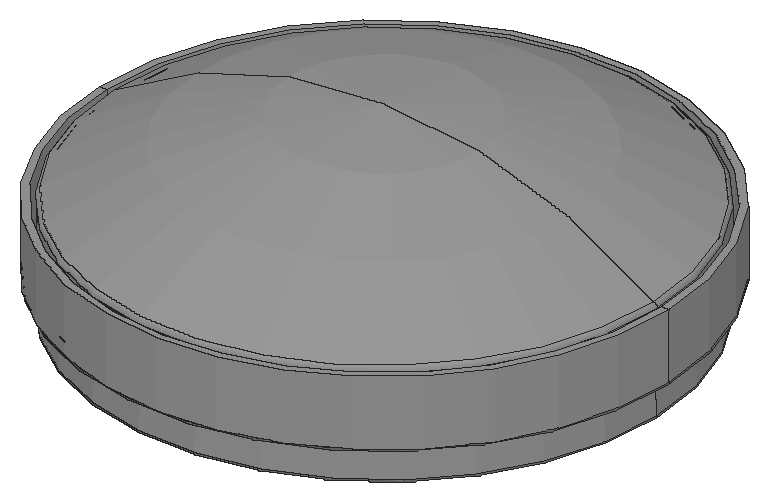
Revit family "3034824 Sylvania Lighting Fixture GIOTTO335 LED G2 4000K SURFACE DALI EMERGENCY", category Lighting Fixtures, host Face, Revit 2016
Family settings
  Host = Face
  Part Type = Normal
  Round Connector Dimension = Use Diameter
  OmniClass Number = 23.80.70.00
  OmniClass Title = Lighting
  Cut with Voids When Loaded = No
  Light Source = Yes
  Shared = No
  Room Calculation Point = No
Parameters (values of type "3034824 GIOTTO335 LED G2 SURFACE 4000K DA E3")
  Weight = "1.5 kg"
  Wattage Comments = ""
  Wattage = 24 W
  WarrantyStartDate [instance] = "n/a"
  WarrantyGuarantorParts = "n/a"
  WarrantyDurationUnit = "n/a"
  WarrantyDurationParts = "n/a"
  WarrantyDescription = "n/a"
  built-in parameter 1150110 = 1 (stored number, unit not read)
  Voltage = 230 V
  URL = "http://www.sylvania-lighting.com"
  TypeName = "GIOTTO335 LED G2 4000K SURFACE DALI EMERGENCY"
  Type Image = <None>
  Type Comments = "n/a"
  built-in parameter 1114217 = 1 (stored number, unit not read)
  Tilt Angle = -90.00°
  built-in parameter 1150109 = 1 (stored number, unit not read)
  built-in parameter 1150134 = 12
  built-in parameter 1150113 = 1 (stored number, unit not read)
  SerialNumber [instance] = "n/a"
  Photometric Web File = "3034824.ies"
  Material_3_SYL = LED-Sylvania
  PowerFactor = 0
  PowerConsumption = "24 W"
  NominalLength = 335 mm
  NominalHeight = 110 mm
  NominalDepth = 335 mm
  Name = "GIOTTO335 LED G2 4000K SURFACE DALI EMERGENCY"
  ModelReference = Name  # "GIOTTO335 LED G2 4000K SURFACE DALI EMERGENCY"
  ModelNumber = "3034824"
  Model = Name  # "GIOTTO335 LED G2 4000K SURFACE DALI EMERGENCY"
  Material = "polycarbonate housing, polycarbonate diffuser"
  ManufacturerName = "Feilo Sylvania"
  Manufacturer = "Feilo Sylvania"
  LuminousEfficacy = "92 lm/W"
  built-in parameter 1150105 = 677.08 (stored number, unit not read)
  Lumens = 2208 lm
  LuminaireType = ""
  built-in parameter 1150115 = 1 (stored number, unit not read)
  LightOutputRatio = "n/a"
  built-in parameter 1150137 = (empty or 0)
  built-in parameter 1150139 = (empty or 0)
  LampsType = Lamp  # "LED"
  LampNominalLuminous = "2209 lm"
  LampMacAdamStep = "n/a"
  LampColourTemperature = "4000 K"
  LampColourRenderingIndex = "80"
  built-in parameter 1150112 = 1 (stored number, unit not read)
  built-in parameter 1150114 = 1 (stored number, unit not read)
  Lamp = "LED"
  Keynote = "16500"
  InstallationDate [instance] = "n/a"
  InputVoltage = "n/a"
  InputNominalFrequency = "n/a"
  built-in parameter 1150132 = (empty or 0)
  built-in parameter 1150102 = (empty or 0)
  built-in parameter 1150107 = 4000 (stored number, unit not read)
  built-in parameter 1150138 = (empty or 0)
  IngressProtection = "IP44"
  ImpactProtectionIndex = "IK10"
  built-in parameter 1150106 = 6.7708 (stored number, unit not read)
  IfcExportType = "IfcLightFixtureType"
  IfcExportAs = "IfcLightFixtureType"
  Height_SYL = 110 mm
  ExpectedLife = 50000
  Emit from Circle Diameter = 317 mm
  Emit Shape Visible in Rendering = no
  ElectricShockClassification = "Class I"
  built-in parameter 1150104 = 8.5471 (stored number, unit not read)
  DurationUnit = "hours"
  DocumentationLiterature = "http://www.sylvania-lighting.com/product/en-int/products/3034824"
  DimmingControlOptions = "n/a"
  Material_2_SYL = Polycarbonate_Sylvania_Giotto_Opal
  Dimming Lamp Color Temperature Shift = <None>
  DiffuserRadius_SYL = 282.611 mm
  Diameter_SYL = 335 mm
  Description = "Ambient and decorative round, surface mounted LED bulkhead luminaire. White robust polycarbonate body with opal diffuser, 2209 lm, 24W, 92lm/W, 4000K, CRI 80, DALI, integral 3 hour maintained emergency, 50,000 hours lumen maintenance. Drive current: 700mA, IP44, IK10, Class I, 220-240V, Energy class: A++, A+, A."
  Default Elevation = 1219.2 mm
  CreatedOn = "9/13/2018"
  CreatedBy = "@sylvania-lighting.com"
  Cost = 0
  Color Filter = 16777215
  built-in parameter 1114216 [instance] = (empty or 0)
  ClassificationValue = "EF_70_80"
  ClassificationName = "Uniclass2015"
  Material_1_SYL = Polycarbonate_Sylvania_Giotto_White
  BarCode [instance] = "n/a"
  built-in parameter 1114218 = 1 (stored number, unit not read)
  built-in parameter 1150133 = 10 (stored number, unit not read)
  AssetType = "Fixed"
  AssetIdentifier [instance] = "n/a"
  Assembly Code = "D5020200"
  Apparent Load = 24 VA
  Material_4_SYL = none
Types (2, lengths in mm): name | Wattage | Photometric Web File | built-in parameter 1150105 | Lumens | built-in parameter 1150132 | built-in parameter 1150106 | Apparent Load
  3034824 GIOTTO335 LED G2 SURFACE 4000K DA E3 | 24 W | "3034824.ies" | 677.08 (stored number, unit not read) | 2208 lm | (empty or 0) | 6.7708 (stored number, unit not read) | 24 VA
  3034824 GIOTTO335 LED G2 SURFACE 4000K DA E3 Emergency mode | 1.34783 W | "3034824EM.ies" | 38.695 (stored number, unit not read) | 124 lm | 2 | 0.38695 (stored number, unit not read) | 1.35 VA
Reference planes
  plane 1 "Center (Front/Back)": y = 0
  plane 2: z = 0
  plane 3 "Center (Left/Right)": x = 0
  plane 4: x = 167.5
  plane 5: x = -167.5
  plane 6: x = -160.5
  plane 7: x = -163.5
  plane 8: z = 110
  plane 9: z = 60
  plane 10: z = 20
  plane 11: z = 25
  plane 12: x = -165.9
  plane 13: z = 21.6
  plane 14: z = 1.6
  plane 15: x = -158.9
  plane 16: z = 19
  plane 17: x = -161.5
  plane 18: z = 26
Forms (mm)
  Revolve 1, solid, material "Polycarbonate_Sylvania_Giotto_White" <- "Material_1_SYL"
    sketch origin (0, 0, 0) x (1, 0, 0) y (0, 0, 1)
      loop
        line (0, 0) -> (0, 26) -> (-158.9, 26) -> (-158.9, 25) -> (-163.5, 25) -> (-163.5, 60) -> (-167.5, 60) -> (-167.5, 21.6)
        arc (-167.5, 21.6) -> (-167.031, 20.469) -> (-165.9, 20) r 1.6
        line (-165.9, 20) -> (-160.5, 20)
        arc (-160.5, 20) -> (-160.193, 19.541) -> (-160.086, 19) r 1.414
        line (-160.086, 19) -> (-160.5, 1.6)
        arc (-160.5, 1.6) -> (-160.031, 0.469) -> (-158.9, 0) r 1.6
        line (-158.9, 0) -> (0, 0)
      axis (0, 60) -> (0, 0)
    angle from 360 to 0
  Revolve 2, solid, material "Polycarbonate_Sylvania_Giotto_Opal" <- "Material_2_SYL"
    sketch origin (0, 0, 0) x (1, 0, 0) y (0, 0, 1)
      loop
        line (-160.5, 25) -> (-158.5, 25) -> (-158.5, 57.891)
        arc (-158.5, 57.891) -> (-158.267, 58.827) -> (-157.623, 59.545) r 2
        arc (-157.623, 59.545) -> (-82.451, 95.612) -> (0, 107.998) r 280.611
        line (0, 107.998) -> (0, 109.998)
        arc (0, 109.998) -> (-83.039, 97.523) -> (-158.747, 61.2) r 282.611
        arc (-158.747, 61.2) -> (-160.035, 59.763) -> (-160.5, 57.891) r 4
        line (-160.5, 57.891) -> (-160.5, 25)
      axis (0, 109.998) -> (0, 25)
    angle from 360 to 0
Dimensions and locks
  equal spacing: plane 4, plane 3 "Center (Left/Right)", plane 5
  "Diameter_SYL": plane 4 to plane 5
  locked: plane 6 to plane 5 at 7
  locked: plane 7 to plane 5 at 4
  "Height_SYL": plane 8 to plane 2
  locked: plane 8 to plane 9 at 50
  locked: plane 9 to plane 10 at 40
  Revolve 1 sketch curve to Revolve 1 sketch curve = 5.4 mm
  locked: plane 11 to plane 10 at 5
  locked: plane 12 to plane 5 at 1.6
  locked: plane 13 to plane 10 at 1.6
  locked: plane 14 to plane 2 at 1.6
  locked: plane 15 to plane 6 at 1.6
  locked: plane 6 to plane 17 at 1
  locked: plane 10 to plane 16 at 1
  locked: plane 18 to plane 11 at 1
  "DiffuserRadius_SYL": radius of Revolve 2 sketch curve
  aligned and locked: plane 2 to host face
  aligned and locked: level to host face
  aligned and locked: Revolve 1 sketch curve to plane 3 "Center (Left/Right)"
  aligned and locked: level to Revolve 1 sketch curve
  aligned and locked: Revolve 1 sketch curve to plane 10
  aligned and locked: plane 9 to Revolve 1 sketch curve
  aligned and locked: Revolve 1 sketch curve to plane 7
  aligned and locked: plane 12 to Revolve 1 sketch curve  (x2)
  aligned and locked: plane 13 to Revolve 1 sketch curve  (x2)
  aligned and locked: plane 17 to Revolve 1 sketch curve
  aligned and locked: plane 16 to Revolve 1 sketch curve  (x2)
  aligned and locked: plane 15 to Revolve 1 sketch curve  (x3)
  aligned and locked: plane 14 to Revolve 1 sketch curve  (x2)
  aligned and locked: Revolve 2 sketch curve to plane 3 "Center (Left/Right)"
  aligned and locked: plane 6 to Revolve 2 sketch curve
  aligned and locked: Revolve 2 sketch curve to Revolve 2 sketch curve
  aligned and locked: plane 3 "Center (Left/Right)" to imposter light
  aligned and locked: imposter light to plane 1 "Center (Front/Back)"
  aligned and locked: plane 18 to Revolve 1 sketch curve
  aligned and locked: plane 11 to Revolve 1 sketch curve
  aligned and locked: plane 11 to Revolve 2 sketch curve
  aligned and locked: plane 3 "Center (Left/Right)" to Revolve 2 sketch curve
  aligned and locked: imposter light to plane 8
Automatic sketch dimensions
  host sketch curve to host sketch curve = 2438.4 mm  (x2)
  Revolve 1 sketch curve to plane 3 "Center (Left/Right)" = 0 mm
  Revolve 1 sketch curve to level = 609.6 mm
  Revolve 1 sketch curve to plane 8 = 2499.058 mm
  Revolve 2 sketch curve to Revolve 2 sketch curve = 0 mm  (x3)
  plane 15 to Revolve 2 sketch curve = 0.4 mm
  Revolve 2 sketch curve to Revolve 2 sketch curve = 2 mm  (x2)
  Revolve 2 sketch curve to level = 172.613 mm
  plane 9 to Revolve 2 sketch curve = 2.109 mm
  Revolve 2 sketch curve to Revolve 2 sketch curve = 436.987 mm
  Revolve 2 sketch curve to plane 8 = 2499.058 mm
Connectors
  electrical at (0, 0, 0), driven by "Apparent Load", driven by "PowerFactor", driven by "Voltage"
    settings: index 1, voltage 230 V, apparent load 24 VA, apparent load phase1 0 VA, apparent load phase2 0 VA, apparent load phase3 0 VA, power factor 0, load classification "Lighting", number of poles 1, system type 30, power factor state 1, is connector primary yes, connector utility no, sub classification motor no, connector description ""
